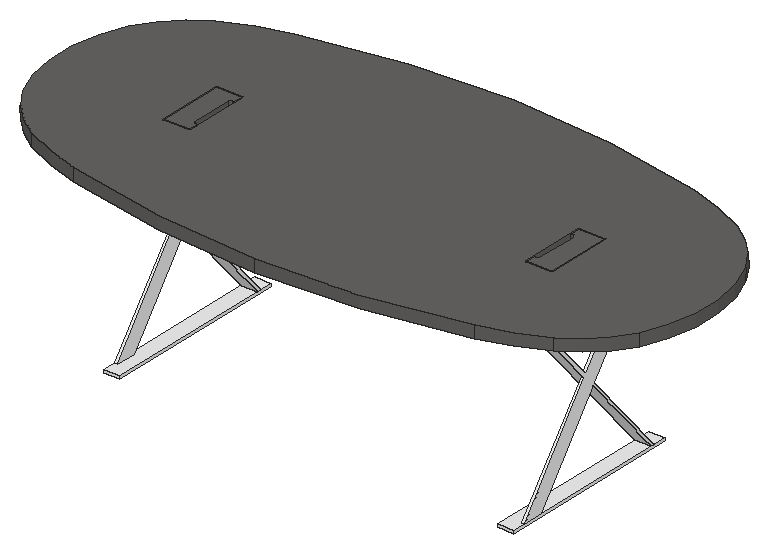
Revit family "Table-Oval-Teknion-ZXXO_X_Leg-R2011", category Furniture, Revit 2013
Parameters (values of type "48" x 96" x 30", Two Grommets")
  With Grommets = yes
  Width = 7' - 10.488"
  Warranty = "http://www.teknionstudio.com/pdfs/Teknion%20Studio%20Warranty.pdf"
  Unit Weight = 251.00 lbf
  URL = "www.teknionstudio.com"
  Table Top Finish [instance] = Veneer - Teknion - P7 - Grey Oak
  Series = "B&B Italia"
  Product Page URL = "http://www.teknionstudio.com/acexecutive/"
  Product Line = "AC Executive"
  Product Documentation Link = "http://www.teknionstudio.com/pricing/ac_executive_ppg.pdf"
  Part Number = "ZXXO"
  Model = "ZXXO4896302"
  Manufacturer Phone = "919-464-2920"
  Manufacturer Fax = "919-464-2927"
  Manufacturer Email = "customersupport@teknionstudio.com"
  Manufacturer Address = "3940 US 70 Business HWY West, Clayton, NC 27520"
  Manufacturer = "Teknion Studio"  # constant formula
  Low Emitting Material = yes
  Low Emitting Finish = yes
  Height = 2' - 5.7244"
  Grommet Void = if(With Grommets, 0' 10 1/2", 0' 2")  # 0' - 10 1/2"
  Frame Finish = Metal - Teknion - C6 - Chrome
  Description = "Large Oval X-Leg Table, 48\"d x 96\"w x 30\"h, Two Grommets"
  Depth = 3' - 11.244"
  Assembly Code = "E2020200"
Types (3): name | With Grommets | Model | Grommet Void | Description
  (no name) | yes | "ZXXO4896302" | 0' - 10 1/2" | "Large Oval X-Leg Table, 48\"d x 96\"w x 30\"h, Two Grommets"
  48" x 96" x 30", No Grommet | no | "ZXXO4896300" | 0' - 2" | "Large Oval X-Leg Table, 48\"d x 96\"w x 30\"h, No Grommet"
  48" x 96" x 30", Two Grommets | yes | "ZXXO4896302" | 0' - 10 1/2" | "Large Oval X-Leg Table, 48\"d x 96\"w x 30\"h, Two Grommets"
Reference planes (in)
  plane 1 "Center F/B": y = 0
  plane 2: z = 0
  plane 3 "Center L/R": x = 0
  plane 4 "Left": x = -47.244
  plane 5 "Right": x = 47.244
  plane 6 "Back": y = 23.622
  plane 7 "Front": y = -23.622
  plane 8 "Top": z = 29.7244
  plane 9: z = 27.9527
  plane 10: y = 13.77955
  plane 11: y = -13.77955
  plane 12: z = 19.7244
  plane 13: z = 30.2244
  plane 14: x = -29.88197
  plane 15: x = 29.88197
Forms (in)
  Sweep 1, solid, material "Metal - Teknion - C6 - Chrome" <- "Frame Finish"
    path origin (0, 0, 29.7244) x (-1, 0, 0) y (0, -1, 0)
      loop
        line (0, -13.77955) -> (0, 13.77955)
    profile origin (0, 0, 29.7244) x (1, 0, 0) y (0, 0, 1)
      loop
        line (-29.88197, -1.7717) -> (-29.88197, -2.1654) -> (-27.51977, -2.1654) -> (-27.51977, -1.7717) -> (-29.88197, -1.7717)
      loop
        line (29.88197, -1.7717) -> (27.51977, -1.7717) -> (27.51977, -2.1654) -> (29.88197, -2.1654) -> (29.88197, -1.7717)
      loop
        line (29.88197, -29.3307) -> (27.51977, -29.3307) -> (27.51977, -29.7244) -> (29.88197, -29.7244) -> (29.88197, -29.3307)
      loop
        line (-29.88197, -29.3307) -> (-29.88197, -29.7244) -> (-27.51977, -29.7244) -> (-27.51977, -29.3307) -> (-29.88197, -29.3307)
  Sweep 2, solid, material "Metal - Teknion - C6 - Chrome" <- "Frame Finish"
    path origin (0, 0, 0) x (1, 0, 0) y (0, 0, 1)
      loop
        line (-29.88197, 0) -> (-29.48827, 0)
    profile origin (-29.68512, 0, 0) x (0, 0, 1) y (0, -1, 0)
      loop
        line (27.559, -8.84354) -> (0.3937, 11.81102) -> (0.3937, 8.84356) -> (27.559, -11.81099) -> (27.559, -8.84354)
  Sweep 3, solid, material "Metal - Teknion - C6 - Chrome" <- "Frame Finish"
    path origin (79.6063, 0, 0) x (1, 0, 0) y (0, 0, 1)
      loop
        line (-50.11803, 0) -> (-49.72433, 0)
    profile origin (29.68512, 0, 0) x (0, 0, 1) y (0, -1, 0)
      loop
        line (27.559, -11.81099) -> (27.559, -8.84354) -> (0.3937, 11.81102) -> (0.3937, 8.84356) -> (27.559, -11.81099)
  Sweep 4, solid, material "Metal - Teknion - C6 - Chrome" <- "Frame Finish"
    path origin (0, 0, 0) x (1, 0, 0) y (0, 0, 1)
      loop
        line (-27.51977, 0) -> (-29.88197, 0)
    profile origin (-28.70087, 0, 0) x (0, 0, -1) y (0, -1, 0)
      loop
        line (-27.55905, 11.81102) -> (-27.55905, 11.29418) -> (-0.39369, -11.81102) -> (-0.39369, -11.29418) -> (-27.55905, 11.81102)
  Sweep 5, solid, material "Metal - Teknion - C6 - Chrome" <- "Frame Finish"
    path origin (0, 0, 0) x (-1, 0, 0) y (0, 0, 1)
      loop
        line (-27.51977, 0) -> (-29.88197, 0)
    profile origin (28.70087, 0, 0) x (0, 0, 1) y (0, -1, 0)
      loop
        line (27.55905, 11.29418) -> (27.55905, 11.81102) -> (0.39369, -11.29418) -> (0.39369, -11.81102) -> (27.55905, 11.29418)
  Sweep 6, void
    path origin (0, 0, 0) x (1, 0, 0) y (0, 0, 1)
      loop
        line (0, 19.7244) -> (0, 30.2244)
    profile origin (0, 0, 24.9744) x (-1, 0, 0) y (0, -1, 0)
      loop
        line (24.57372, -3.34646) -> (24.57372, -4.67008)
        arc (24.57372, -4.67008) -> (24.61068, -4.7593) -> (24.6999, -4.79626) r 0.12618
        line (24.6999, -4.79626) -> (28.13455, -4.79626)
        arc (28.13455, -4.79626) -> (28.22377, -4.7593) -> (28.26073, -4.67008) r 0.12618
        line (28.26073, -4.67008) -> (28.26073, 4.67008)
        arc (28.26073, 4.67008) -> (28.22377, 4.7593) -> (28.13455, 4.79626) r 0.12618
        line (28.13455, 4.79626) -> (24.6999, 4.79626)
        arc (24.6999, 4.79626) -> (24.61068, 4.7593) -> (24.57372, 4.67008) r 0.12618
        line (24.57372, 4.67008) -> (24.57372, 3.34646) -> (24.84243, 3.34646)
        arc (24.84243, 3.34646) -> (25.12081, 3.23114) -> (25.23613, 2.95276) r 0.3937
        line (25.23613, 2.95276) -> (25.23613, -2.95276)
        arc (25.23613, -2.95276) -> (25.12081, -3.23114) -> (24.84243, -3.34646) r 0.3937
        line (24.84243, -3.34646) -> (24.57372, -3.34646)
      loop
        arc (24.44872, -4.76378) -> (24.49485, -4.87513) -> (24.6062, -4.92126) r 0.15748
        line (24.6062, -4.92126) -> (28.22825, -4.92126)
        arc (28.22825, -4.92126) -> (28.33961, -4.87513) -> (28.38573, -4.76378) r 0.15748
        line (28.38573, -4.76378) -> (28.38573, 4.76378)
        arc (28.38573, 4.76378) -> (28.33961, 4.87513) -> (28.22825, 4.92126) r 0.15748
        line (28.22825, 4.92126) -> (24.6062, 4.92126)
        arc (24.6062, 4.92126) -> (24.49485, 4.87513) -> (24.44872, 4.76378) r 0.15748
        line (24.44872, 4.76378) -> (24.44872, -4.76378)
      loop
        line (-24.57391, -3.34646) -> (-24.84261, -3.34646)
        arc (-24.84261, -3.34646) -> (-25.121, -3.23114) -> (-25.23631, -2.95276) r 0.3937
        line (-25.23631, -2.95276) -> (-25.23631, 2.95276)
        arc (-25.23631, 2.95276) -> (-25.121, 3.23114) -> (-24.84261, 3.34646) r 0.3937
        line (-24.84261, 3.34646) -> (-24.57391, 3.34646) -> (-24.57391, 4.67008)
        arc (-24.57391, 4.67008) -> (-24.61087, 4.7593) -> (-24.70009, 4.79626) r 0.12618
        line (-24.70009, 4.79626) -> (-28.13474, 4.79626)
        arc (-28.13474, 4.79626) -> (-28.22396, 4.7593) -> (-28.26092, 4.67008) r 0.12618
        line (-28.26092, 4.67008) -> (-28.26092, -4.67008)
        arc (-28.26092, -4.67008) -> (-28.22396, -4.7593) -> (-28.13474, -4.79626) r 0.12618
        line (-28.13474, -4.79626) -> (-24.70009, -4.79626)
        arc (-24.70009, -4.79626) -> (-24.61087, -4.7593) -> (-24.57391, -4.67008) r 0.12618
        line (-24.57391, -4.67008) -> (-24.57391, -3.34646)
      loop
        line (-24.44891, -4.76378) -> (-24.44891, 4.76378)
        arc (-24.44891, 4.76378) -> (-24.49504, 4.87513) -> (-24.60639, 4.92126) r 0.15748
        line (-24.60639, 4.92126) -> (-28.22844, 4.92126)
        arc (-28.22844, 4.92126) -> (-28.3398, 4.87513) -> (-28.38592, 4.76378) r 0.15748
        line (-28.38592, 4.76378) -> (-28.38592, -4.76378)
        arc (-28.38592, -4.76378) -> (-28.3398, -4.87513) -> (-28.22844, -4.92126) r 0.15748
        line (-28.22844, -4.92126) -> (-24.60639, -4.92126)
        arc (-24.60639, -4.92126) -> (-24.49504, -4.87513) -> (-24.44891, -4.76378) r 0.15748
  Sweep 7, solid, material "Veneer - Teknion - P7 - Grey Oak" <- "Table Top Finish"
    path origin (0, 0, 0) x (1, 0, 0) y (0, 0, 1)
      loop
        line (0, 29.7244) -> (0, 27.9527)
    profile origin (0, 0, 28.83855) x (0, -1, 0) y (1, 0, 0)
      loop
        arc (-23.62203, 0.00523) -> (-22.73794, -14.74007) -> (-19.99562, -29.25507) r 116.53446
        arc (-19.99562, -29.25507) -> (-18.59956, -33.75773) -> (-16.64576, -38.0479) r 37.23454
        arc (-16.64576, -38.0479) -> (-13.67727, -42.0071) -> (-9.73924, -45.00362) r 17.92246
        arc (-9.73924, -45.00362) -> (0, -47.244) -> (9.73924, -45.00362) r 22.28908
        arc (9.73924, -45.00362) -> (13.67727, -42.0071) -> (16.64576, -38.0479) r 17.92246
        arc (16.64576, -38.0479) -> (18.59956, -33.75773) -> (19.99562, -29.25507) r 37.23454
        arc (19.99562, -29.25507) -> (22.73804, -14.73926) -> (23.62202, 0.00686) r 116.53446
        arc (23.62202, 0.00686) -> (22.73738, 14.7444) -> (19.99646, 29.2518) r 116.53446
        arc (19.99646, 29.2518) -> (18.60019, 33.75626) -> (16.64576, 38.04809) r 37.23454
        arc (16.64576, 38.04809) -> (13.67827, 42.00628) -> (9.74172, 45.00241) r 17.92246
        arc (9.74172, 45.00241) -> (0, 47.244) -> (-9.74172, 45.00241) r 22.28908
        arc (-9.74172, 45.00241) -> (-13.67827, 42.00628) -> (-16.64576, 38.04809) r 17.92246
        arc (-16.64576, 38.04809) -> (-18.63121, 33.67453) -> (-20.03714, 29.08177) r 37.23454
        arc (-20.03714, 29.08177) -> (-22.74695, 14.65661) -> (-23.62203, 0.00523) r 116.53446
Cuts and joins
  Sweep 6 cuts Sweep 2
  Sweep 6 cuts Sweep 3
  joined: Sweep 2, Sweep 3, Sweep 4, Sweep 5
  Sweep 6 cuts Sweep 7
Lines and regions (in)
  Masking region 1
    outline origin (0, 0, 29.7244) x (-1, 0, 0) y (0, -1, 0)
      loop
        arc (29.25507, -19.99562) -> (33.75773, -18.59956) -> (38.0479, -16.64576) r 37.23454
        arc (38.0479, -16.64576) -> (42.0071, -13.67727) -> (45.00362, -9.73924) r 17.92246
        arc (45.00362, -9.73924) -> (47.244, 0) -> (45.00362, 9.73924) r 22.28908
        arc (45.00362, 9.73924) -> (42.0071, 13.67727) -> (38.0479, 16.64576) r 17.92246
        arc (38.0479, 16.64576) -> (33.75773, 18.59956) -> (29.25507, 19.99562) r 37.23454
        arc (29.25507, 19.99562) -> (14.73926, 22.73804) -> (-0.00686, 23.62202) r 116.53446
        arc (-0.00686, 23.62202) -> (-14.7444, 22.73738) -> (-29.2518, 19.99646) r 116.53446
        arc (-29.2518, 19.99646) -> (-33.75626, 18.60019) -> (-38.04809, 16.64576) r 37.23454
        arc (-38.04809, 16.64576) -> (-42.00628, 13.67827) -> (-45.00241, 9.74172) r 17.92246
        arc (-45.00241, 9.74172) -> (-47.244, 0) -> (-45.00241, -9.74172) r 22.28908
        arc (-45.00241, -9.74172) -> (-42.00628, -13.67827) -> (-38.04809, -16.64576) r 17.92246
        arc (-38.04809, -16.64576) -> (-33.67453, -18.63121) -> (-29.08177, -20.03714) r 37.23454
        arc (-29.08177, -20.03714) -> (-14.65661, -22.74695) -> (-0.00523, -23.62203) r 116.53446
        arc (-0.00523, -23.62203) -> (14.74007, -22.73794) -> (29.25507, -19.99562) r 116.53446
  symbolic lines, style "FurnitureHiddenLines", detail levels medium+fine
    curve 1: line (-27.51977, 13.77955, 29.7244) -> (-29.88197, 13.77955, 29.7244)
    curve 2: line (-27.51977, -13.77955, 29.7244) -> (-27.51977, 13.77955, 29.7244)
    curve 3: line (-29.88197, -13.77955, 29.7244) -> (-27.51977, -13.77955, 29.7244)
    curve 4: line (-29.88197, 13.77955, 29.7244) -> (-29.88197, -13.77955, 29.7244)
    curve 5: line (29.88197, 13.77955, 29.7244) -> (27.51977, 13.77955, 29.7244)
    curve 6: line (29.88197, -13.77955, 29.7244) -> (29.88197, 13.77955, 29.7244)
    curve 7: line (27.51977, -13.77955, 29.7244) -> (29.88197, -13.77955, 29.7244)
    curve 8: line (27.51977, 13.77955, 29.7244) -> (27.51977, -13.77955, 29.7244)
  symbolic lines, style "Furniture", visible <- "With Grommets"
    curve 9: line (-28.22825, 4.92126, 29.7244) -> (-24.6062, 4.92126, 29.7244)
    curve 10: arc (-24.6062, 4.92126, 29.7244) -> (-24.49485, 4.87513, 29.7244) -> (-24.44872, 4.76378, 29.7244) r 0.15748
    curve 11: line (-24.44872, 4.76378, 29.7244) -> (-24.44872, -4.76378, 29.7244)
    curve 12: arc (-24.44872, -4.76378, 29.7244) -> (-24.49485, -4.87513, 29.7244) -> (-24.6062, -4.92126, 29.7244) r 0.15748
    curve 13: line (-24.6062, -4.92126, 29.7244) -> (-28.22825, -4.92126, 29.7244)
    curve 14: arc (-28.22825, -4.92126, 29.7244) -> (-28.33961, -4.87513, 29.7244) -> (-28.38573, -4.76378, 29.7244) r 0.15748
    curve 15: line (-28.38573, -4.76378, 29.7244) -> (-28.38573, 4.76378, 29.7244)
    curve 16: arc (-28.38573, 4.76378, 29.7244) -> (-28.33961, 4.87513, 29.7244) -> (-28.22825, 4.92126, 29.7244) r 0.15748
  symbolic lines, style "Furniture", visible <- "With Grommets", detail levels fine
    curve 17: line (-24.44872, 3.34646, 29.7244) -> (-24.84243, 3.34646, 29.7244)
    curve 18: arc (-25.23613, 2.95276, 29.7244) -> (-25.12081, 3.23114, 29.7244) -> (-24.84243, 3.34646, 29.7244) r 0.3937
    curve 19: line (-25.23613, 2.95276, 29.7244) -> (-25.23613, -2.95276, 29.7244)
    curve 20: arc (-24.84243, -3.34646, 29.7244) -> (-25.12081, -3.23114, 29.7244) -> (-25.23613, -2.95276, 29.7244) r 0.3937
    curve 21: line (-24.84243, -3.34646, 29.7244) -> (-24.44872, -3.34646, 29.7244)
  symbolic lines, visible <- "With Grommets"
    curve 22: line (24.44891, -4.76378, 29.7244) -> (24.44891, 4.76378, 29.7244)
    curve 23: arc (24.44891, 4.76378, 29.7244) -> (24.49504, 4.87513, 29.7244) -> (24.60639, 4.92126, 29.7244) r 0.15748
    curve 24: line (24.60639, 4.92126, 29.7244) -> (28.22844, 4.92126, 29.7244)
    curve 25: arc (28.22844, 4.92126, 29.7244) -> (28.3398, 4.87513, 29.7244) -> (28.38592, 4.76378, 29.7244) r 0.15748
    curve 26: line (28.38592, 4.76378, 29.7244) -> (28.38592, -4.76378, 29.7244)
    curve 27: arc (28.38592, -4.76378, 29.7244) -> (28.3398, -4.87513, 29.7244) -> (28.22844, -4.92126, 29.7244) r 0.15748
    curve 28: line (28.22844, -4.92126, 29.7244) -> (24.60639, -4.92126, 29.7244)
    curve 29: arc (24.60639, -4.92126, 29.7244) -> (24.49504, -4.87513, 29.7244) -> (24.44891, -4.76378, 29.7244) r 0.15748
  symbolic lines, visible <- "With Grommets", detail levels fine
    curve 30: line (24.84261, 3.34646, 29.7244) -> (24.44891, 3.34646, 29.7244)
    curve 31: arc (24.84261, 3.34646, 29.7244) -> (25.121, 3.23114, 29.7244) -> (25.23631, 2.95276, 29.7244) r 0.3937
    curve 32: line (25.23631, -2.95276, 29.7244) -> (25.23631, 2.95276, 29.7244)
    curve 33: arc (25.23631, -2.95276, 29.7244) -> (25.121, -3.23114, 29.7244) -> (24.84261, -3.34646, 29.7244) r 0.3937
    curve 34: line (24.44891, -3.34646, 29.7244) -> (24.84261, -3.34646, 29.7244)
Dimensions and locks (in)
  "Height": plane 8 "Top" to plane 2
  equal spacing: plane 4 "Left", plane 3 "Center L/R", plane 5 "Right"
  "Width": plane 4 "Left" to plane 5 "Right"
  equal spacing: plane 6 "Back", plane 1 "Center F/B", plane 7 "Front"
  "Depth": plane 6 "Back" to plane 7 "Front"
  locked: plane 8 "Top" to plane 9 at 1.7717
  locked: plane 9 to Sweep 1 sketch curve at 0.3937  (x2)
  plane 14 to Sweep 1 sketch curve = 0' - 2.3622"
  locked: Sweep 1 sketch curve to plane 15 at 2.3622  (x2)
  locked: Sweep 1 sketch curve to plane 2 at 0.3937  (x2)
  locked: plane 14 to Sweep 1 sketch curve at 2.3622
  locked: plane 1 "Center F/B" to plane 10 at 13.77955
  equal spacing: plane 10, plane 1 "Center F/B", plane 11
  locked: Sweep 2 sketch curve to plane 14 at 0.3937
  locked: plane 9 to Sweep 2 sketch curve at 0.3937
  locked: Sweep 2 sketch curve to plane 2 at 0.3937
  locked: Sweep 2 sketch curve to Sweep 2 sketch curve at 2.3622
  Sweep 2 sketch curve to plane 1 "Center F/B" to Sweep 2 sketch curve = 0' - 11.81099" locked, 0' - 11.81102" locked
  locked: plane 15 to Sweep 3 sketch curve at 0.3937
  locked: Sweep 3 sketch curve to Sweep 3 sketch curve at 2.3622
  locked: plane 9 to Sweep 3 sketch curve at 0.3937
  locked: Sweep 3 sketch curve to plane 2 at 0.3937
  Sweep 3 sketch curve to plane 1 "Center F/B" to Sweep 3 sketch curve = 0' - 11.81099" locked, 0' - 11.81102" locked
  locked: Sweep 4 sketch curve to plane 14 at 2.3622
  locked: Sweep 4 sketch curve to Sweep 4 sketch curve at 0.3937
  locked: plane 9 to Sweep 4 sketch curve at 0.39365
  locked: Sweep 4 sketch curve to plane 2 at 0.39369
  Sweep 4 sketch curve to plane 1 "Center F/B" to Sweep 4 sketch curve = 0' - 11.81102" locked, 0' - 11.81102" locked
  locked: plane 15 to Sweep 5 sketch curve at 2.3622
  locked: plane 9 to Sweep 5 sketch curve at 0.39365
  locked: Sweep 5 sketch curve to plane 2 at 0.39369
  locked: Sweep 5 sketch curve to Sweep 5 sketch curve at 0.3937
  Sweep 5 sketch curve to plane 1 "Center F/B" to Sweep 5 sketch curve = 0' - 11.81102" locked, 0' - 11.81102" locked
  locked: plane 8 "Top" to plane 12 at 10
  "Grommet Void": plane 13 to plane 12
  locked: plane 4 "Left" to Sweep 6 sketch curve at 22.79528
  Sweep 6 sketch curve to plane 1 "Center F/B" to Sweep 6 sketch curve = 0' - 3.34646" locked, 0' - 3.34646" locked  (x2)
  locked: Sweep 6 sketch curve to Sweep 6 sketch curve at 0.7874  (x2)
  Sweep 6 sketch curve to plane 1 "Center F/B" to Sweep 6 sketch curve = 0' - 4.92126" locked, 0' - 4.92126" locked  (x2)
  locked: Sweep 6 sketch curve to plane 5 "Right" at 22.79509
  plane 14 to plane 3 "Center L/R" to plane 15 = 2' - 5.88197" locked, 2' - 5.88197" locked
  Sweep 7 sketch curve to plane 3 "Center L/R" to Sweep 7 sketch curve = 2' - 0.95492" locked, 2' - 0.95492" locked
  locked: Sweep 7 sketch curve to plane 1 "Center F/B" at 0  (x2)
  aligned and locked: level to plane 2
  aligned and locked: Sweep 1 sketch curve to plane 3 "Center L/R"
  aligned and locked: plane 10 to Sweep 1 sketch curve
  aligned and locked: plane 11 to Sweep 1 sketch curve
  aligned and locked: Sweep 1 sketch curve to plane 9
  aligned and locked: Sweep 1 sketch curve to plane 2
  aligned and locked: plane 9 to Sweep 1 sketch curve
  aligned and locked: plane 2 to Sweep 1 sketch curve
  aligned and locked: Sweep 2 sketch curve to plane 2
  aligned and locked: Sweep 3 sketch curve to plane 2
  aligned and locked: plane 2 to Sweep 4 sketch curve
  aligned and locked: Sweep 5 sketch curve to plane 2
  aligned and locked: plane 3 "Center L/R" to Sweep 6 sketch curve
  aligned and locked: plane 13 to Sweep 6 sketch curve
  aligned and locked: plane 12 to Sweep 6 sketch curve
  aligned and locked: plane 14 to Sweep 1 sketch curve  (x2)
  aligned and locked: plane 15 to Sweep 1 sketch curve  (x2)
  aligned and locked: plane 8 "Top" to Sweep 7 sketch curve
  aligned and locked: plane 9 to Sweep 7 sketch curve
  aligned and locked: Sweep 7 sketch curve to plane 3 "Center L/R"
  aligned and locked: Masking region 1 sketch curve to cut or joined group of Sweep 6, Sweep 7  (x14)
  aligned and locked: curve 1 to Sweep 1
  aligned and locked: curve 2 to Sweep 1
  aligned and locked: curve 3 to Sweep 1
  aligned and locked: curve 4 to Sweep 1
  aligned and locked: curve 5 to Sweep 1
  aligned and locked: curve 6 to Sweep 1
  aligned and locked: Sweep 1 to curve 7
  aligned and locked: curve 8 to Sweep 1
  aligned and locked: curve 10 to cut or joined group of Sweep 6, Sweep 7
  aligned and locked: curve 12 to cut or joined group of Sweep 6, Sweep 7
  aligned and locked: curve 14 to cut or joined group of Sweep 6, Sweep 7
  aligned and locked: curve 16 to cut or joined group of Sweep 6, Sweep 7
  aligned and locked: curve 17 to cut or joined group of Sweep 6, Sweep 7
  aligned and locked: curve 18 to cut or joined group of Sweep 6, Sweep 7
  aligned and locked: curve 20 to cut or joined group of Sweep 6, Sweep 7
  aligned and locked: curve 23 to cut or joined group of Sweep 6, Sweep 7
  aligned and locked: curve 25 to cut or joined group of Sweep 6, Sweep 7
  aligned and locked: curve 29 to cut or joined group of Sweep 6, Sweep 7
  aligned and locked: curve 31 to cut or joined group of Sweep 6, Sweep 7
  aligned and locked: curve 33 to cut or joined group of Sweep 6, Sweep 7
  aligned and locked: curve 34 to cut or joined group of Sweep 6, Sweep 7
Automatic sketch dimensions
  Sweep 6 sketch curve to Sweep 6 sketch curve = 0' - 0.0937"  (x16)
  Sweep 6 sketch curve to plane 1 "Center F/B" = 0' - 4.76378"
  Sweep 6 sketch curve to Sweep 6 sketch curve = 0' - 0 1/8"
  Sweep 6 sketch curve to Sweep 6 sketch curve = 0' - 0.03248"  (x4)
  Sweep 6 sketch curve to Sweep 6 sketch curve = 0' - 0.2687"  (x2)
  Sweep 6 sketch curve to Sweep 6 sketch curve = 0' - 0.3937"  (x2)
  Sweep 6 sketch curve to Sweep 6 sketch curve = 0' - 2.99213"  (x3)
  Sweep 6 sketch curve to Sweep 6 sketch curve = 0' - 0.6624"
  Sweep 6 sketch curve to Sweep 6 sketch curve = 0' - 0.12618"
  Sweep 6 sketch curve to Sweep 6 sketch curve = 0' - 2 115/128"
  Sweep 4 sketch curve to plane 14 = 0' - 0"
  Sweep 5 sketch curve to plane 15 = 0' - 0"
  Sweep 3 sketch curve to plane 15 = 0' - 0"
  Sweep 2 sketch curve to plane 14 = 0' - 0"
  Sweep 7 sketch curve to plane 1 "Center F/B" = 0' - 0.95928"  (x2)
  Sweep 7 sketch curve to plane 1 "Center F/B" = 0' - 9.73924"
  Sweep 7 sketch curve to plane 1 "Center F/B" = 0' - 9.74172"
  Sweep 7 sketch curve to plane 1 "Center F/B" = 1' - 4.19539"  (x2)
  Sweep 7 sketch curve to Sweep 7 sketch curve = 0' - 6.90404"  (x2)
  Sweep 7 sketch curve to Sweep 7 sketch curve = 0' - 6.90652"  (x2)
  Sweep 7 sketch curve to Sweep 7 sketch curve = 0' - 3.34986"  (x2)
  Sweep 7 sketch curve to Sweep 7 sketch curve = 0' - 3.39138"
  Sweep 7 sketch curve to profile plane = 0' - 0.00523"
  Sweep 7 sketch curve to Sweep 7 sketch curve = 0' - 7.42664"
  profile plane to Sweep 7 sketch curve = 0' - 0.40691"  (x2)
  Sweep 7 sketch curve to Sweep 7 sketch curve = 0' - 0.00005"
  plane 1 "Center F/B" to Sweep 7 sketch curve = 0' - 0.95928"  (x2)
  plane 1 "Center F/B" to Sweep 7 sketch curve = 0' - 9.73924"
  plane 1 "Center F/B" to Sweep 7 sketch curve = 0' - 9.74172"
  plane 1 "Center F/B" to Sweep 7 sketch curve = 1' - 4.19539"  (x2)
  Sweep 7 sketch curve to Sweep 7 sketch curve = 0' - 3.3507"
  Sweep 7 sketch curve to profile plane = 0' - 0.00686"
  Sweep 7 sketch curve to Sweep 7 sketch curve = 0' - 7.42663"
  Sweep 7 sketch curve to profile plane = 0' - 0.39689"
  Sweep 7 sketch curve to Sweep 7 sketch curve = 0' - 0.00007"
  Sweep 7 sketch curve to Sweep 7 sketch curve = 0' - 0.12399"
  Sweep 7 sketch curve to Sweep 7 sketch curve = 0' - 0"
  Sweep 7 sketch curve to Sweep 7 sketch curve = 0' - 8.79283"
  Sweep 7 sketch curve to Sweep 7 sketch curve = 0' - 4.42415"
  Sweep 7 sketch curve to profile plane = 0' - 0.4071"
  Sweep 7 sketch curve to Sweep 7 sketch curve = 0' - 8.5799"
  Sweep 7 sketch curve to Sweep 7 sketch curve = 0' - 8.74994"
  Sweep 7 sketch curve to Sweep 7 sketch curve = 0' - 4.45305"
  Sweep 7 sketch curve to Sweep 7 sketch curve = 0' - 4.42434"
  curve 26 to curve 28 = 0' - 0.15748"
